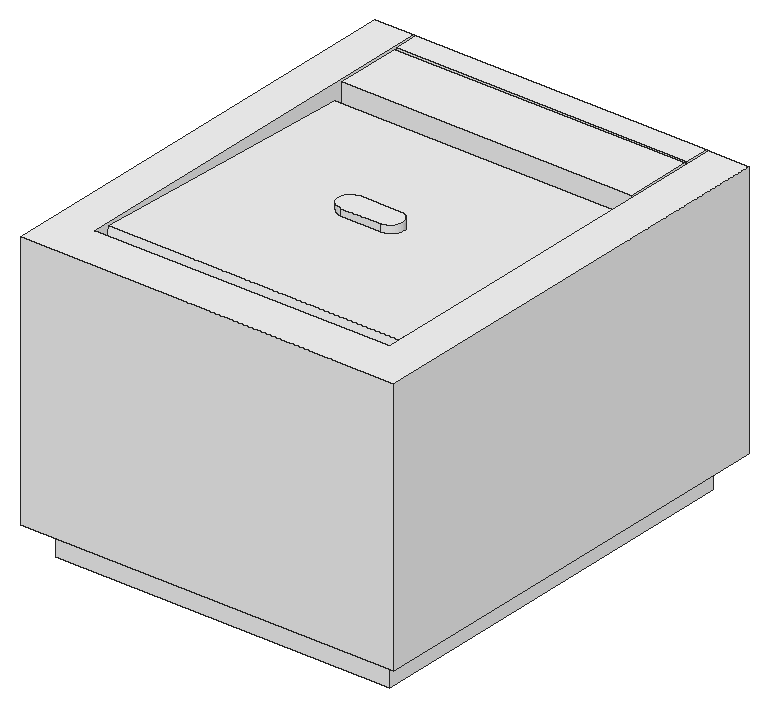
Revit family "Gira_010230", category Electrical Fixtures, host Face, Revit 2017
Family settings
  Host = Face
  Maintain Annotation Orientation = Yes
  Round Connector Dimension = Use Diameter
  Part Type = Normal
  Cut with Voids When Loaded = No
  Shared = No
  Room Calculation Point = No
Parameters (values of type "Wippschalter Aus 2-p WG AP Grau")
  Zusammenstellung = "Basiselement mit Komplettgehäuse"
  White [instance] = White
  Werkstoffgüte = "sonstige"
  Werkstoff = "sonstige"
  Waschmaschinenschalter = "No"
  URL = "http://katalog.gira.de/de_DE/datenblatt.html?artikelnr=010230"
  Textfeld/Beschriftungsfläche = "ja"
  Tastschalter = "No"
  Schaltungsart = "Schalter 2-polig"
  Rückmeldekontakt = "No"
  Region = "DE"
  Oberfläche = "sonstige"
  Nennspannung = "250 Volt"
  Name = "Wippschalter Aus 2-p WG AP Grau"
  Montageart = "auf Putz"
  Mit Montageplatte = "No"
  Manufacturer URL = "https://www.gira.de/"
  HeinzeBIM = "https://bimportal.heinze.de/bim/wippschalter-aus-2-p-wg-ap-grau/3349c1d734a3047e0882ab7385c95afd905fc171"
  Halogenfrei = "No"
  HAN = "010230"
  Geeignet für Schutzart (IP) = "IP44"
  GTIN = "4010337102304"
  Farbe = "grau"
  Default Elevation = 1219.2 mm
  Data sheet (1) = "https://katalog.gira.de/de_DE/download.html?artikelnr=010230"
  Category = "Installationsschalter"
  Bemessungsstrom = "10 Ampere"
  Beleuchtungsfunktion = "Kontrolle und Orientierung"
  Beleuchtungsart = "nicht mitgeliefert"
  Beleuchtung = "ja"
  Befestigungsart = "Schraubbefestigung"
  Bedienungsart = "Wippe/Taste"
  Available = "Yes"
  Anzahl der Module (bei Modulbauweise) = "1 "
  Anzahl der Betätigungswippen = "1 "
  Anschlussart = "Steckklemme"
Reference planes
  plane 1 "Center (Front/Back)": y = 0
  plane 2: z = 0
  plane 3 "Center (Left/Right)": x = 0
  plane 4: x = 30
  plane 5: x = -30
  plane 6: z = 41.4
Forms (mm)
  Extrusion 1, solid, material "White" <- "White", detail levels medium+fine
    sketch origin (0, 0, 0) x (1, 0, 0) y (0, 1, 0)
      loop
        line (-34, 41) -> (-34, -41) -> (34, -41) -> (34, 41) -> (-34, 41)
    from 0 to -6.2
  Extrusion 2, solid, material "White" <- "White", detail levels medium+fine
    sketch origin (0, 0, 0) x (1, 0, 0) y (0, 1, 0)
      loop
        line (-38, 45) -> (-38, -45) -> (38, -45) -> (38, 45) -> (-38, 45)
    from 0 to 52.4
  Extrusion 3, void
    sketch origin (0, 0, 0) x (1, 0, 0) y (0, 0, 1)
      loop
        line (-30, 59.413) -> (-30, 41.4) -> (30, 41.4) -> (30, 59.413) -> (-30, 59.413)
    from 36 to -113.06
  Extrusion 4, solid, material "White" <- "White", detail levels medium
    sketch origin (225, 0, 0) x (1, 0, 0) y (0, 1, 0)
      loop
        line (-254.5, 44.5) -> (-254.5, -35.5) -> (-195.5, -35.5) -> (-195.5, 44.5) -> (-254.5, 44.5)
    from 41.4 to 52.4
  Extrusion 5, solid, material "White" <- "White", detail levels fine
    sketch origin (0, 0, 0) x (1, 0, 0) y (0, 1, 0)
      loop
        line (-29.5, 45) -> (-29.5, 40) -> (29.5, 40) -> (29.5, 45) -> (-29.5, 45)
    from 41.4 to 52.4
  Extrusion 6, solid, material "White" <- "White", detail levels fine
    sketch origin (0, 0, 0) x (1, 0, 0) y (0, 1, 0)
      loop
        line (29.5, 39.5) -> (-29.5, 39.5) -> (-29.5, 26) -> (29.5, 26) -> (29.5, 39.5)
    from 41.4 to 52.4
  Extrusion 7, solid, material "White" <- "White", detail levels fine
    sketch origin (0, 0, 0) x (1, 0, 0) y (0, 1, 0)
      loop
        arc (-4, -1) -> (-6.5, -3.5) -> (-4, -6) r 2.5
        line (-4, -6) -> (4, -6)
        arc (4, -6) -> (6.5, -3.5) -> (4, -1) r 2.5
        line (4, -1) -> (-4, -1)
    from 41.4 to 52.4
  Extrusion 8, solid, material "White" <- "White", detail levels coarse
    sketch origin (0, 0, 0) x (1, 0, 0) y (0, 1, 0)
      loop
        line (-38, 46) -> (-38, -45) -> (38, -45) -> (38, 46) -> (-38, 46)
    from -6.2 to 52.4
  Extrusion 9, solid, material "White" <- "White", detail levels medium+fine
    sketch origin (0, 0, 0) x (1, 0, 0) y (0, 0, 1)
      loop
        circle (0, 14) r 3.6
    from -46 to -45
  Extrusion 10, solid, material "White" <- "White", detail levels fine
    sketch origin (0, 0, 0) x (0, 1, 0) y (0, 0, 1)
      loop
        line (-36, 41.4) -> (26, 41.4) -> (24.38, 49.736) -> (-33.115, 52.169) -> (-36, 41.4)
    from -29.5 to 29.5
Cuts and joins
  Extrusion 3 cuts Extrusion 2
Dimensions and locks
  aligned and locked: plane 2 to host face
  aligned and locked: level to host face
  aligned and locked: plane 3 "Center (Left/Right)" to nested 1
  aligned and locked: plane 1 "Center (Front/Back)" to nested 1
Nested families
  nested 1: "Schalter" at (0, 0, 0), type "Schalter"
Connectors
  electrical at (0, 0, -6.2)
    settings: on Extrusion 1, index 1, voltage 224 V, apparent load 0 VA, apparent load phase1 0 VA, apparent load phase2 0 VA, apparent load phase3 0 VA, power factor 1, load classification "Other", number of poles 1, system type 30, power factor state 1, is connector primary yes, connector utility no, sub classification motor no, connector description ""
Definition of nested family "Schalter"
  Reference planes
    plane 1: y = 0
    plane 2: x = 0
  Lines and regions (mm)
    detail lines
      curve 1: circle (1.375, 2.778, 0) r 0.8 normal (0, 0, 1)
      curve 2: line (1.021, 2.061, 0) -> (0, 0, 0)
      curve 3: line (0, 0, 0) -> (-0.538, 0.266, 0)
  Dimensions and locks
    curve 2 to curve 2 = 2.3 mm
    curve 3 to curve 2 = 0.6 mm
    radius of curve 1 = 0.8 mm
